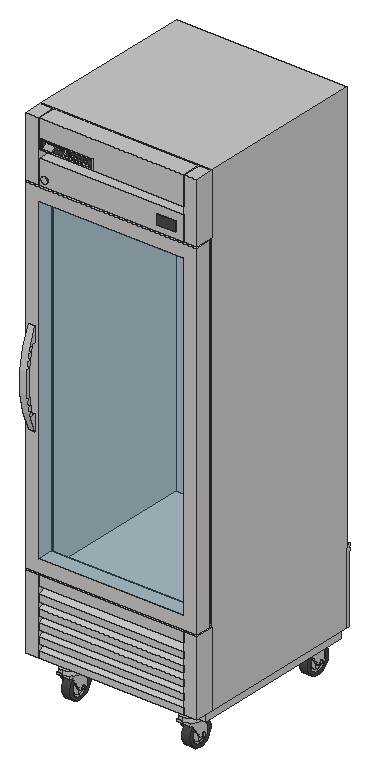
Revit family "QF_TRUE_TH-23G~FGD01", category Specialty Equipment, Revit 2015
Parameters
  Weight in Pounds = 290
  Watts = 850 W
  Volts = 115 V
  URL Cutsheet = "www.truemfg.com"
  URL = "www.truemfg.com"
  Specification by User = ""
  Specification by Manufacturer = ""
  Show Clearance [instance] = yes
  Show 6 Inches Standard Legs [instance] = no
  Show 6 Inches Seismic Flanged Legs [instance] = no
  Show 2.5 Inches Castors [instance] = no
  6 Inches Seismic Flanged Legs [instance] = and(Show 6 Inches Seismic Flanged Legs, not(Show 5.25 Inches Castors))  # no
  Show Logo [instance] = yes
  Serial Number = ""
  Seismic Rating = ""
  SMACNA No = ""
  Revision Code = ""
  Phase = 1
  Overall Height [instance] = Body Height + Base Height  # 83 11/16"
  Number of Poles = 1
  NAFEM Spec ID Number = ""
  Model = "TH-23G~FGD01"
  Min Ckt Ampacity = 0 A
  Max Overcurrent Protection = 0 A
  Masterspec = ""
  Manufacturer = "TRUE"
  Length = 27"
  Item Number = ""
  Installed By = ""
  Identify Quantity as Lot = yes
  Height = 83 11/16"
  HP = "0"
  Furnished By = ""
  Foodservice Equipment Identifier = yes
  FL Amps = 7.8 A
  Electrical Remarks = ""
  Electric Connection Type = ""
  Elec Conn RI Height = 0"
  Elec Conn Connection Height = 0"
  Description = "REACH-IN GLASS SWING DOOR HEATED CABINET~FRAMED GLASS DOOR VERSION 01"
  Depth = 29 3/4"
  Cycle = 60 Hz
  Conn Plug = "NEMA 5-15P"
  Conn Conduit = yes
  CSI MasterFormat = ""
  Body Height = 78 7/16"
  Base Height [instance] = if(Show 5.25 Inches Castors, 5 1/4", if(Show 6 Inches Seismic Flanged Legs, 6", if(Show 6 Inches Standard Legs, 6", if(Show 2.5 Inches Castors, 2 1/2", 5 1/4"))))  # 5 1/4"
  Apparent Power = 0 VA
  6 Inches Standard Legs [instance] = and(Show 6 Inches Standard Legs, not(Show 5.25 Inches Castors))  # no
  Show 5.25 Inches Castors [instance] = if(Show 6 Inches Seismic Flanged Legs, or(Show 6 Inches Standard Legs, Show 2.5 Inches Castors), if(Show 2.5 Inches Castors, Show 6 Inches Standard Legs, not(or(Show 6 Inches Standard Legs, Show 2.5 Inches Castors, Show 6 Inches Seismic Flanged Legs))))  # yes
  2.5 Inches Castors [instance] = and(Show 2.5 Inches Castors, not(Show 5.25 Inches Castors))  # no
Reference planes (in)
  plane 1 "BACK": y = 0
  plane 2: z = 0
  plane 3 "LEFT": x = 0
  plane 4 "RIGHT": x = 27
  plane 5 "FRONT": y = -29.75
  plane 6 "TOP": z = 83.6875
  plane 7 "Center Y": x = 13.5
  plane 8 "Center X": y = -14.875
  plane 9: z = 5.25
Dimensions and locks (in)
  equal spacing: plane 3 "LEFT", plane 7 "Center Y", plane 4 "RIGHT"
  "Length": plane 3 "LEFT" to plane 4 "RIGHT"
  equal spacing: plane 5 "FRONT", plane 8 "Center X", plane 1 "BACK"
  "Depth": plane 5 "FRONT" to plane 1 "BACK"
  "Overall Height": plane 6 "TOP" to level
  plane 3 "LEFT" to plane 4 "RIGHT" = 27"
  "Base Height": plane 9 to level
  "Body Height": nested 5 to plane 9
  nested 5 to plane 1 "BACK" = 15/32"
  nested 5 to nested 5 = 1 13/16"
  nested 5 to nested 5 = 32 1/32"
  aligned and locked: level to plane 2
  aligned and locked: nested 5 to plane 9
Nested families (in)
  nested 1: "CASTER-LEGS" at (4, -2.625, 0), Show 5" Casters <- "Show 5.25 Inches Castors", Show 6 Inches Legs <- "6 Inches Standard Legs", Show 2.5 Casters <- "2.5 Inches Castors", Show Siesmic Flanged <- "6 Inches Seismic Flanged Legs", type "CASTER-LEGS"
    with Type Mark "", Status "", Specification by User "", Show Siesmic Flanged no, Show 6" Casters no, Show 6 Inches Legs no, Show 5" Casters yes, Show 4" Casters no, Show 2.5 Standard Legs no, Show 2.5 Casters no, Revision Code "", Low Profile no, Item Number "", Installed By "", Identify Quantity as Lot yes, Furnished By "", Foodservice Equipment Identifier yes
  nested 2: "CASTER-LEGS" at (4, -25.875, 0), Show 5" Casters <- "Show 5.25 Inches Castors", Show 6 Inches Legs <- "6 Inches Standard Legs", Show 2.5 Casters <- "2.5 Inches Castors", Show Siesmic Flanged <- "6 Inches Seismic Flanged Legs", type "CASTER-LEGS"
    with Type Mark "", Status "", Specification by User "", Show Siesmic Flanged no, Show 6" Casters no, Show 6 Inches Legs no, Show 5" Casters yes, Show 4" Casters no, Show 2.5 Standard Legs no, Show 2.5 Casters no, Revision Code "", Low Profile no, Item Number "", Installed By "", Identify Quantity as Lot yes, Furnished By "", Foodservice Equipment Identifier yes
  nested 3: "CASTER-LEGS" at (23, -2.625, 0), Show 5" Casters <- "Show 5.25 Inches Castors", Show 6 Inches Legs <- "6 Inches Standard Legs", Show 2.5 Casters <- "2.5 Inches Castors", Show Siesmic Flanged <- "6 Inches Seismic Flanged Legs", type "CASTER-LEGS"
    with Type Mark "", Status "", Specification by User "", Show Siesmic Flanged no, Show 6" Casters no, Show 6 Inches Legs no, Show 5" Casters yes, Show 4" Casters no, Show 2.5 Standard Legs no, Show 2.5 Casters no, Revision Code "", Low Profile no, Item Number "", Installed By "", Identify Quantity as Lot yes, Furnished By "", Foodservice Equipment Identifier yes
  nested 4: "CASTER-LEGS" at (23, -25.875, 0), Show 5" Casters <- "Show 5.25 Inches Castors", Show 6 Inches Legs <- "6 Inches Standard Legs", Show 2.5 Casters <- "2.5 Inches Castors", Show Siesmic Flanged <- "6 Inches Seismic Flanged Legs", type "CASTER-LEGS"
    with Type Mark "", Status "", Specification by User "", Show Siesmic Flanged no, Show 6" Casters no, Show 6 Inches Legs no, Show 5" Casters yes, Show 4" Casters no, Show 2.5 Standard Legs no, Show 2.5 Casters no, Revision Code "", Low Profile no, Item Number "", Installed By "", Identify Quantity as Lot yes, Furnished By "", Foodservice Equipment Identifier yes
  nested 5: "TH-23G-FGD01" at (0, 0, 0), Show Clearance <- "Show Clearance", Show Logo <- "Show Logo", type "TH-23G-FGD01"
    with Show Logo yes, Material and Finishes QF_Metal - Stainless - Polished
Connectors (in)
  electrical at (13.5, 0.5, 14.875), driven by "Volts", driven by "Watts"
    settings: on nested 5, index 1, voltage 115 V, apparent load 850 VA, apparent load phase1 0 VA, apparent load phase2 0 VA, apparent load phase3 0 VA, power factor 1, load classification "Other", number of poles 1, system type 30, power factor state 1, is connector primary yes, connector utility no, sub classification motor no, connector description "ELECTRICAL CONNECTION"
Definition of nested family "CASTER-LEGS"
  Parameters (values of type "CASTER-LEGS")
    Weight = ""
    URL Manufacturer = ""
    URL Cutsheet = ""
    URL = ""
    Type Mark [instance] = ""
    Status [instance] = ""
    Specification by User [instance] = ""
    Specification by Manufacturer = ""
    Show Siesmic Flanged [instance] = yes
    Show 6 Inches Legs [instance] = yes
    Show 6" Casters [instance] = yes
    Show 5" Casters [instance] = yes
    Show 4" Casters [instance] = yes
    Show 2.5 Standard Legs [instance] = yes
    Show 2.5 Casters [instance] = yes
    Serial Number = ""
    Seismic Rating = ""
    SMACNA No = ""
    Revision Code [instance] = ""
    Omniclass Number and Title = ""
    NAFEM Spec ID Number = ""
    Model = ""
    MasterSpec. = ""
    Manufacturer = ""
    Low Profile [instance] = yes
    Item Number [instance] = ""
    Installed By [instance] = ""
    Identify Quantity as Lot [instance] = yes
    Furnished By [instance] = ""
    Foodservice Equipment Identifier [instance] = yes
    Description = ""
    CSI MasterFormat = ""
    CSI Master Format = ""
    Assembly Code = ""
  Reference planes (in)
    plane 1: z = 0
    plane 2 "RIGHT": x = 0
    plane 3 "FRONT": y = 0
    plane 4 "TOP": z = 6
    plane 5: z = 2.125
    plane 6: z = 2.5
    plane 7: z = 6.25
  Forms (in)
    Revolve 1, solid, visible <- "Show 6 Inches Legs"
      sketch origin (11.12172, 0, 0) x (-1, 0, 0) y (0, 0, -1)
        loop
          line (11.12172, -6) -> (11.12172, 0) -> (10.62172, 0) -> (10.62172, -1.30261) -> (10.37172, -1.30261) -> (10.37172, -6) -> (11.12172, -6)
        axis (11.12172, 0) -> (11.12172, -6)
      angle from 0 to 360
    Extrusion 2, solid, visible <- "Show Siesmic Flanged"
      sketch origin (0, 0, 0) x (1, 0, 0) y (0, 1, 0)
        loop
          circle (-0.00825, 0) r 1
      from 0 to 0.125
    Revolve 3, solid, visible <- "Show Siesmic Flanged"
      sketch origin (11.12172, 0, 0) x (-1, 0, 0) y (0, 0, -1)
        loop
          line (11.12172, -6) -> (11.12172, -0.125) -> (10.62172, -0.125) -> (10.62172, -1.30261) -> (10.37172, -1.30261) -> (10.37172, -6) -> (11.12172, -6)
        axis (11.12172, -0.125) -> (11.12172, -6)
      angle from 0 to 360
    Revolve 4, solid, visible <- "Show 2.5 Standard Legs"
      sketch origin (11.12172, 0, 0) x (-1, 0, 0) y (0, 0, -1)
        loop
          line (11.12172, -2.5) -> (11.12172, 0) -> (10.62172, 0) -> (10.62172, -0.75) -> (10.37172, -0.75) -> (10.37172, -2.5) -> (11.12172, -2.5)
        axis (11.12172, 0) -> (11.12172, -2.5)
      angle from 0 to 360
  Dimensions and locks (in)
    plane 4 "TOP" to level = 6"  (x2)
    locked: Revolve 1 sketch curve to Revolve 1 sketch curve at 1.30261
    locked: Revolve 1 sketch curve to Revolve 1 sketch curve at 0.75
    nested 1 to level = 5"
    plane 6 to plane 1 = 2 1/2"
    plane 5 to plane 1 = 2 1/8"
    plane 7 to plane 1 = 6 1/4"
    locked: Revolve 3 sketch curve to Revolve 3 sketch curve at 0.75
    aligned and locked: level to plane 1
  Nested families (in)
    nested 1: "PITCO_5 INCHES CASTER" at (0, 0, 0), Show Casters <- "Show 5" Casters", type "PITCO_5 INCHES CASTER"
      with Type Mark "", Status "", Specification by User "", Show Casters yes, Revision Code "", Item Number "", Installed By "", Identify Quantity as Lot yes, Furnished By "", Foodservice Equipment Identifier yes
    nested 2: "2.13" at (0, 0, 0), 2.5 Inches Caster <- "Low Profile", type "2.13"
      with Type Mark "", Status "", Specification by User "", Revision Code "", Item Number "", Installed By "", Identify Quantity as Lot yes, Furnished By "", Foodservice Equipment Identifier yes, 2.5 Inches Caster yes
    nested 3: "C4" at (0, 0, 0), Show 4 Inches Casters <- "Show 4" Casters", type "C4"
      with Type Mark "", Specification by User "", Show 4 Inches Casters yes, Revision Code "", Item Number "", Installed By "", Identify Quantity as Lot yes, Furnished By "", Foodservice Equipment Identifier yes
    nested 4: "6 Inches Leg & Caster" at (0, 0, 0), Show Casters <- "Show 6" Casters", type "6 Inches Leg & Caster"
      with Type Mark "", Status "", Specification by User "", Show Casters yes, Revision Code "", Item Number "", Installed By "", Identify Quantity as Lot yes, Furnished By "", Foodservice Equipment Identifier yes
    nested 5: "C2.5" at (0, -0.86941, 0), 2.5 Inches Caster <- "Show 2.5 Casters", type "C2.5"
      with Type Mark "", Status "", Specification by User "", Revision Code "", Item Number "", Installed By "", Identify Quantity as Lot yes, Furnished By "", Foodservice Equipment Identifier yes, 2.5 Inches Caster yes
  Definition of nested family "PITCO_5 INCHES CASTER"
    Parameters (values of type "PITCO_5 INCHES CASTER")
      Weight = ""
      URL Manufacturer = ""
      URL Cutsheet = ""
      URL = ""
      Type Mark [instance] = ""
      Status [instance] = ""
      Specification by User [instance] = ""
      Specification by Manufacturer = ""
      Show Casters [instance] = yes
      Rubber = none
      Chrome = none
      Serial Number = ""
      Seismic Rating = ""
      SMACNA No = ""
      Revision Code [instance] = ""
      Omniclass Number and Title = ""
      NAFEM Spec ID Number = ""
      Model = ""
      MasterSpec. = ""
      Manufacturer = ""
      Item Number [instance] = ""
      Installed By [instance] = ""
      Identify Quantity as Lot [instance] = yes
      Furnished By [instance] = ""
      Foodservice Equipment Identifier [instance] = yes
      Description = ""
      CSI MasterFormat = ""
      CSI Master Format = ""
      Assembly Code = ""
    Reference planes (in)
      plane 1: z = 0
      plane 2 "RIGHT": x = 0
      plane 3 "FRONT": y = 0
      plane 4 "TOP": z = 5
      plane 5: z = 5.0625
    Forms (in)
      Revolve 1, solid, visible <- "Show Casters"
        sketch origin (-180, 1.0625, -34.67466) x (0, 0, -1) y (-1, 0, 0)
          loop
            line (-34.67466, -180.64009) -> (-34.67466, -179.35991) -> (-35.17466, -179.35991) -> (-35.17466, -179.48491) -> (-35.42466, -179.48491) -> (-35.42466, -179.64009) -> (-36.48519, -179.60306) -> (-36.48519, -178.85852) -> (-36.5316, -178.85852) -> (-36.5316, -178.71719) -> (-36.70591, -178.71719) -> (-36.70591, -181.28281) -> (-36.5316, -181.28281) -> (-36.5316, -181.14148) -> (-36.48519, -181.14148) -> (-36.48519, -180.39694) -> (-35.42466, -180.35991) -> (-35.42466, -180.51509) -> (-35.17466, -180.51509) -> (-35.17466, -180.64009) -> (-34.67466, -180.64009)
          axis (-36.70591, -181.28281) -> (-36.70591, -178.71719)
        angle from 0 to 360
      Extrusion 2, solid, visible <- "Show Casters"
        sketch origin (0, 0, -1.11142) x (0, -1, 0) y (1, 0, 0)
          loop
            circle (0, 0) r 1.5
        from 5.61142 to 6.17392
      Extrusion 3, solid, visible <- "Show Casters"
        sketch origin (0, 0, 0.289) x (0, -1, 0) y (0, 0, 1)
          loop
            arc (0.91808, 3.59427) -> (1.13645, 3.7909) -> (1.42156, 3.86198) r 0.60732
            line (1.42156, 3.86198) -> (1.46208, 3.86198) -> (1.43155, 4.211) -> (-1.43155, 4.211)
            arc (-1.43155, 4.211) -> (-1.62474, 4.13098) -> (-1.70476, 3.93778) r 0.27322
            line (-1.70476, 3.93778) -> (-1.70476, 3.78861) -> (-1.76351, 2.11371) -> (-1.82446, 1.68005)
            arc (-1.82446, 1.68005) -> (-1.73191, 1.41127) -> (-1.46007, 1.32816) r 0.31307
            line (-1.46007, 1.32816) -> (-0.60834, 1.47835)
            arc (-0.60834, 1.47835) -> (-0.50841, 1.51771) -> (-0.43181, 1.59299) r 0.26936
            line (-0.43181, 1.59299) -> (0.91808, 3.59427)
        from 0.84601 to 1.05998
      Extrusion 4, solid, visible <- "Show Casters"
        sketch origin (0, 0, -0.82242) x (0, -1, 0) y (0, 0, -1)
          loop
            line (1.43155, -5.32242) -> (1.46208, -4.9734) -> (1.42156, -4.9734)
            arc (1.42156, -4.9734) -> (1.13645, -4.90232) -> (0.91808, -4.70569) r 0.60732
            line (0.91808, -4.70569) -> (-0.43181, -2.70441)
            arc (-0.43181, -2.70441) -> (-0.50841, -2.62913) -> (-0.60834, -2.58977) r 0.26936
            line (-0.60834, -2.58977) -> (-1.46007, -2.43958)
            arc (-1.46007, -2.43958) -> (-1.73191, -2.52269) -> (-1.82446, -2.79147) r 0.31307
            line (-1.82446, -2.79147) -> (-1.76351, -3.22513) -> (-1.70476, -4.90003) -> (-1.70476, -5.0492)
            arc (-1.70476, -5.0492) -> (-1.62474, -5.2424) -> (-1.43155, -5.32242) r 0.27322
            line (-1.43155, -5.32242) -> (1.43155, -5.32242)
        from 0.84601 to 1.05998
      Extrusion 5, solid, visible <- "Show Casters"
        sketch origin (-0.84601, 0, 0.289) x (0, 1, 0) y (0, 0, 1)
          loop
            line (1.43155, 4.211) -> (-1.43155, 4.211) -> (-1.46208, 3.86198) -> (-1.42156, 3.86198)
            arc (-1.42156, 3.86198) -> (-1.13645, 3.7909) -> (-0.91808, 3.59427) r 0.60732
            arc (-0.91808, 3.59427) -> (0.37927, 3.88135) -> (1.70476, 3.78861) r 4.63574
            line (1.70476, 3.78861) -> (1.70476, 3.93778)
            arc (1.70476, 3.93778) -> (1.62474, 4.13098) -> (1.43155, 4.211) r 0.27322
        from 0 to 1.69203
    Cuts and joins
      joined: Extrusion 3, Extrusion 4, Extrusion 5
    Lines and regions (in)
      symbolic lines, visible <- "Show Casters"
        curve 1: line (0.70901, 2.6399, 0) -> (1.79507, 2.01286, 0)
        curve 2: line (-1.79099, -1.69023, 0) -> (0.70901, 2.6399, 0)
        curve 3: line (-0.70493, -2.31727, 0) -> (-1.79099, -1.69023, 0)
        curve 4: line (1.79507, 2.01286, 0) -> (-0.70493, -2.31727, 0)
    Dimensions and locks (in)
      plane 4 "TOP" to level = 5"  (x2)
      plane 5 to level = 5 1/16"
      aligned and locked: level to plane 1
  Definition of nested family "2.13"
    Parameters
      Weight = ""
      URL Manufacturer = ""
      URL Cutsheet = ""
      URL = ""
      Type Mark [instance] = ""
      Status [instance] = ""
      Specification by User [instance] = ""
      Specification by Manufacturer = ""
      Serial Number = ""
      Seismic Rating = ""
      SMACNA No = ""
      Revision Code [instance] = ""
      Omniclass Number and Title = ""
      NAFEM Spec ID Number = ""
      Model = ""
      MasterSpec. = ""
      Manufacturer = ""
      Item Number [instance] = ""
      Installed By [instance] = ""
      Identify Quantity as Lot [instance] = yes
      Furnished By [instance] = ""
      Foodservice Equipment Identifier [instance] = yes
      Description = ""
      CSI MasterFormat = ""
      CSI Master Format = ""
      Assembly Code = ""
      2.5 Inches Caster [instance] = yes
    Reference planes (in)
      plane 1: z = 0
      plane 2 "RIGHT": x = 0
      plane 3 "FRONT": y = 0
      plane 4 "TOP": z = 2.125
    Forms (in)
      Revolve 1, solid, visible <- "2.5 Inches Caster"
        sketch origin (-1.93794, 0.83816, -1.0041) x (1, 0, 0) y (0, 0, 1)
          loop
            line (0.74055, 1.76972) -> (0.74055, 1.69422) -> (0.79055, 1.64422) -> (0.85055, 1.64422) -> (0.85055, 1.52415) -> (1.235, 1.52415) -> (1.235, 1.4568) -> (1.38673, 1.3692) -> (1.4003, 1.28535) -> (1.34375, 1.28535) -> (1.34375, 1.16035) -> (1.375, 1.16035) -> (1.375, 1.0041) -> (1.87544, 1.0041) -> (1.87544, 1.52415) -> (2.00044, 1.52415) -> (2.00044, 1.0041) -> (2.48438, 1.0041) -> (2.48438, 1.16035) -> (2.51563, 1.16035) -> (2.51563, 1.28535) -> (2.45908, 1.28535) -> (2.47322, 1.37272) -> (2.62438, 1.45999) -> (2.62438, 1.52415) -> (3.04007, 1.52415) -> (3.04007, 1.64422) -> (3.10007, 1.64422) -> (3.15007, 1.69422) -> (3.15007, 1.76972) -> (0.74055, 1.76972)
          axis (0.74055, 1.76972) -> (3.15007, 1.76972)
        angle from 0 to 360
      Extrusion 2, solid, visible <- "2.5 Inches Caster"
        sketch origin (-1.93794, 1.80294, -3.6291) x (0, 1, 0) y (0, 0, 1)
          loop
            line (-0.64294, 5.43229) -> (-0.64294, 5.55298) -> (-2.21294, 5.55298) -> (-2.21294, 5.30272) -> (-1.81966, 5.30272)
            arc (-1.81966, 5.30272) -> (-1.13638, 5.20789) -> (-0.46376, 5.05475) r 8.02767
            arc (-0.46376, 5.05475) -> (-0.19511, 4.95469) -> (0.05138, 4.80832) r 1.60049
            line (0.05138, 4.80832) -> (0.12713, 4.91318)
            arc (0.12713, 4.91318) -> (-0.07255, 5.06376) -> (-0.29048, 5.18644) r 1.8753
            line (-0.29048, 5.18644) -> (-0.22239, 5.30423)
            arc (-0.22239, 5.30423) -> (-0.42776, 5.38437) -> (-0.64294, 5.43229) r 1.44292
        from 1.17357 to 2.70231
      Revolve 3, solid, visible <- "2.5 Inches Caster"
        sketch origin (0, 2.10856, -4.125) x (0, 1, 0) y (0, 0, 1)
          loop
            line (-1.73858, 6.25) -> (-1.73858, 6.04889) -> (-1.05793, 6.04889) -> (-1.05793, 6.25) -> (-1.73858, 6.25)
          axis (-1.73858, 6.04889) -> (-1.73858, 6.25)
        angle from 0 to 360
      Extrusion 4, solid, visible <- "2.5 Inches Caster"
        sketch origin (-1.98481, 1.80294, -2.1291) x (0, 1, 0) y (0, 0, 1)
          loop
            line (-2.21294, 4.05298) -> (-2.21294, 3.80272) -> (-2.13999, 3.80272)
            arc (-2.13999, 3.80272) -> (-1.62379, 3.51899) -> (-1.39241, 2.97729) r 0.90292
            arc (-1.39241, 2.97729) -> (-1.36136, 2.78161) -> (-1.29729, 2.59413) r 1.15385
            arc (-1.29729, 2.59413) -> (-0.94802, 2.37355) -> (-0.6121, 2.61396) r 0.37001
            arc (-0.6121, 2.61396) -> (-0.59625, 2.66241) -> (-0.58446, 2.712) r 0.61695
            arc (-0.58446, 2.712) -> (-0.36134, 3.11665) -> (0.05609, 3.31484) r 0.75313
            line (0.05609, 3.31484) -> (0.12713, 3.41318)
            arc (0.12713, 3.41318) -> (-0.07255, 3.56376) -> (-0.29048, 3.68644) r 1.8753
            line (-0.29048, 3.68644) -> (-0.22239, 3.80423)
            arc (-0.22239, 3.80423) -> (-0.42776, 3.88437) -> (-0.64294, 3.93229) r 1.44292
            line (-0.64294, 3.93229) -> (-0.64294, 4.05298) -> (-2.21294, 4.05298)
        from 2.74918 to 2.90825
      Extrusion 5, solid, visible <- "2.5 Inches Caster"
        sketch origin (1.98481, 1.80294, -2.1291) x (0, 1, 0) y (0, 0, -1)
          loop
            line (-2.21294, -4.05298) -> (-0.64294, -4.05298) -> (-0.64294, -3.93229)
            arc (-0.64294, -3.93229) -> (-0.42776, -3.88437) -> (-0.22239, -3.80423) r 1.44292
            line (-0.22239, -3.80423) -> (-0.29048, -3.68644)
            arc (-0.29048, -3.68644) -> (-0.07255, -3.56376) -> (0.12713, -3.41318) r 1.8753
            line (0.12713, -3.41318) -> (0.05609, -3.31484)
            arc (0.05609, -3.31484) -> (-0.36134, -3.11665) -> (-0.58446, -2.712) r 0.75313
            arc (-0.58446, -2.712) -> (-0.59625, -2.66241) -> (-0.6121, -2.61396) r 0.61695
            arc (-0.6121, -2.61396) -> (-0.94802, -2.37355) -> (-1.29729, -2.59413) r 0.37001
            arc (-1.29729, -2.59413) -> (-1.36136, -2.78161) -> (-1.39241, -2.97729) r 1.15385
            arc (-1.39241, -2.97729) -> (-1.62379, -3.51899) -> (-2.13999, -3.80272) r 0.90292
            line (-2.13999, -3.80272) -> (-2.21294, -3.80272) -> (-2.21294, -4.05298)
        from 2.74918 to 2.90825
    Lines and regions (in)
      symbolic lines, visible <- "2.5 Inches Caster"
        curve 1: line (0.10651, 1.27186, 0) -> (0.80944, 0.86603, 0)
        curve 2: line (-0.89349, -0.46019, 0) -> (0.10651, 1.27186, 0)
        curve 3: line (-0.19056, -0.86603, 0) -> (-0.89349, -0.46019, 0)
        curve 4: line (0.80944, 0.86603, 0) -> (-0.19056, -0.86603, 0)
    Dimensions and locks (in)
      plane 4 "TOP" to level = 2 1/8"  (x2)
      aligned and locked: level to plane 1
  Definition of nested family "C4"
    Parameters
      Weight = ""
      URL Manufacturer = ""
      URL Cutsheet = ""
      URL = ""
      Type Mark [instance] = ""
      Specification by User [instance] = ""
      Specification by Manufacturer = ""
      Show 4 Inches Casters [instance] = yes
      Serial Number = ""
      Seismic Rating = ""
      SMACNA No = ""
      Revision Code [instance] = ""
      Omniclass Number and Title = ""
      NAFEM Spec ID Number = ""
      Model = ""
      MasterSpec. = ""
      Manufacturer = ""
      Item Number [instance] = ""
      Installed By [instance] = ""
      Identify Quantity as Lot [instance] = yes
      Furnished By [instance] = ""
      Foodservice Equipment Identifier [instance] = yes
      Description = ""
      CSI MasterFormat = ""
      CSI Master Format = ""
      Assembly Code = ""
    Reference planes (in)
      plane 1: z = 0
      plane 2 "RIGHT": x = 0
      plane 3 "FRONT": y = 0
      plane 4 "TOP": z = 4
    Forms (in)
      Revolve 1, solid, visible <- "Show 4 Inches Casters"
        sketch origin (-1.93794, 0.83816, -1.0041) x (1, 0, 0) y (0, 0, 1)
          loop
            line (0.74055, 2.5041) -> (3.15007, 2.5041) -> (3.15007, 2.5796) -> (3.10007, 2.6296) -> (3.04007, 2.6296) -> (3.04007, 2.74967) -> (2.62438, 2.74967) -> (2.62438, 2.93884) -> (2.48438, 3.01967) -> (2.45908, 3.17597) -> (2.51563, 3.17597) -> (2.51563, 3.41035) -> (2.48438, 3.41035) -> (2.48438, 4.0041) -> (1.375, 4.0041) -> (1.375, 3.41035) -> (1.34375, 3.41035) -> (1.34375, 3.17597) -> (1.4003, 3.17597) -> (1.37557, 3.02318) -> (1.235, 2.94202) -> (1.235, 2.74967) -> (0.85055, 2.74967) -> (0.85055, 2.6296) -> (0.79055, 2.6296) -> (0.74055, 2.5796) -> (0.74055, 2.5041)
          axis (0.74055, 2.5041) -> (3.15007, 2.5041)
        angle from 0 to 360
      Extrusion 2, solid, visible <- "Show 4 Inches Casters"
        sketch origin (-1.93794, 1.80294, -1.7541) x (0, 1, 0) y (0, 0, 1)
          loop
            line (-3.08794, 5.33423) -> (-3.08794, 5.00584) -> (-2.69466, 5.00584)
            arc (-2.69466, 5.00584) -> (-1.57175, 4.94895) -> (-0.46376, 4.75787) r 9.36411
            arc (-0.46376, 4.75787) -> (-0.05889, 4.58436) -> (0.28335, 4.30705) r 1.60049
            line (0.28335, 4.30705) -> (0.34449, 4.39437)
            arc (0.34449, 4.39437) -> (0.12713, 4.6163) -> (-0.1239, 4.79931) r 1.8753
            line (-0.1239, 4.79931) -> (-0.05749, 4.91421)
            arc (-0.05749, 4.91421) -> (-0.33807, 5.05694) -> (-0.64294, 5.13542) r 1.44292
            line (-0.64294, 5.13542) -> (-0.64294, 5.33423) -> (-3.08794, 5.33423)
        from 1.1267 to 2.74918
      Revolve 3, solid, visible <- "Show 4 Inches Casters"
        sketch origin (0, 2.15543, -2.25) x (0, 1, 0) y (0, 0, 1)
          loop
            line (-2.21793, 6.25) -> (-2.21793, 5.83014) -> (-1.05793, 5.83014) -> (-1.05793, 6.25) -> (-2.21793, 6.25)
          axis (-2.21793, 5.83014) -> (-2.21793, 6.25)
        angle from 0 to 360
      Extrusion 4, solid, visible <- "Show 4 Inches Casters"
        sketch origin (-1.93794, 1.80294, -1.7541) x (0, 1, 0) y (0, 0, 1)
          loop
            line (-3.08794, 5.33423) -> (-3.08794, 5.00584) -> (-2.8913, 5.00584)
            arc (-2.8913, 5.00584) -> (-2.09118, 4.14057) -> (-1.45681, 3.14736) r 6.63355
            arc (-1.45681, 3.14736) -> (-0.85703, 2.75969) -> (-0.4561, 3.35069) r 0.5107
            arc (-0.4561, 3.35069) -> (-0.27092, 3.92503) -> (0.24034, 4.24562) r 0.88136
            line (0.24034, 4.24562) -> (0.34449, 4.39437)
            arc (0.34449, 4.39437) -> (0.12713, 4.6163) -> (-0.1239, 4.79931) r 1.8753
            line (-0.1239, 4.79931) -> (-0.05749, 4.91421)
            arc (-0.05749, 4.91421) -> (-0.33807, 5.05694) -> (-0.64294, 5.13542) r 1.44292
            line (-0.64294, 5.13542) -> (-0.64294, 5.33423) -> (-3.08794, 5.33423)
        from 2.74918 to 2.90825
      Extrusion 5, solid, visible <- "Show 4 Inches Casters"
        sketch origin (1.93794, 1.80294, -1.7541) x (0, 1, 0) y (0, 0, -1)
          loop
            line (-3.08794, -5.33423) -> (-0.64294, -5.33423) -> (-0.64294, -5.13542)
            arc (-0.64294, -5.13542) -> (-0.33807, -5.05694) -> (-0.05749, -4.91421) r 1.44292
            line (-0.05749, -4.91421) -> (-0.1239, -4.79931)
            arc (-0.1239, -4.79931) -> (0.12713, -4.6163) -> (0.34449, -4.39437) r 1.8753
            line (0.34449, -4.39437) -> (0.24034, -4.24562)
            arc (0.24034, -4.24562) -> (-0.27092, -3.92503) -> (-0.4561, -3.35069) r 0.88136
            arc (-0.4561, -3.35069) -> (-0.85703, -2.75969) -> (-1.45681, -3.14736) r 0.5107
            arc (-1.45681, -3.14736) -> (-2.09118, -4.14057) -> (-2.8913, -5.00584) r 6.63355
            line (-2.8913, -5.00584) -> (-3.08794, -5.00584) -> (-3.08794, -5.33423)
        from 2.74918 to 2.90825
    Cuts and joins
      joined: Extrusion 2, Extrusion 4, Extrusion 5
    Lines and regions (in)
      symbolic lines, visible <- "Show 4 Inches Casters"
        curve 1: line (0.28481, 1.83041, 0) -> (1.24556, 1.27572, 0)
        curve 2: line (-1.26206, -0.84886, 0) -> (0.28481, 1.83041, 0)
        curve 3: line (-0.30132, -1.40355, 0) -> (-1.26206, -0.84886, 0)
        curve 4: line (1.24556, 1.27572, 0) -> (-0.30132, -1.40355, 0)
    Dimensions and locks (in)
      plane 4 "TOP" to level = 4"  (x2)
      aligned and locked: level to plane 1
  Definition of nested family "6 Inches Leg & Caster"
    Parameters
      Weight = ""
      URL Manufacturer = ""
      URL Cutsheet = ""
      URL = ""
      Type Mark [instance] = ""
      Status [instance] = ""
      Specification by User [instance] = ""
      Specification by Manufacturer = ""
      Show Casters [instance] = yes
      Serial Number = ""
      Seismic Rating = ""
      SMACNA No = ""
      Revision Code [instance] = ""
      Omniclass Number and Title = ""
      NAFEM Spec ID Number = ""
      Model = ""
      MasterSpec. = ""
      Manufacturer = ""
      Item Number [instance] = ""
      Installed By [instance] = ""
      Identify Quantity as Lot [instance] = yes
      Furnished By [instance] = ""
      Foodservice Equipment Identifier [instance] = yes
      Description = ""
      CSI MasterFormat = ""
      CSI Master Format = ""
    Reference planes (in)
      plane 1 "BACK": y = 0
      plane 2: z = 0
      plane 3 "LEFT": x = 0
      plane 4 "RIGHT": x = 0
      plane 5 "FRONT": y = 0
      plane 6 "TOP": z = 6.25
    Forms (in)
      Revolve 1, solid, visible <- "Show Casters"
        sketch origin (-2.21793, 0, -0.25) x (-1, 0, 0) y (0, 0, 1)
          loop
            line (-2.21793, 6) -> (-2.21793, 5.55584) -> (-0.93693, 5.55584) -> (-0.93693, 6) -> (-2.21793, 6)
          axis (-2.21793, 5.55584) -> (-2.21793, 6)
        angle from 0 to 360
      Extrusion 2, solid, visible <- "Show Casters"
        sketch origin (0.25594, 2.21793, -0.1875) x (0, 1, 0) y (0, 0, 1)
          loop
            line (-3.37793, 5.49334) -> (-3.37793, 5.24334) -> (-1.63015, 2.08504)
            arc (-1.63015, 2.08504) -> (-0.63555, 1.74359) -> (-0.1951, 2.69848) r 0.78437
            line (-0.1951, 2.69848) -> (-1.06726, 5.49334) -> (-3.37793, 5.49334)
        from 0.78968 to 0.90247
      Extrusion 3, solid, visible <- "Show Casters"
        sketch origin (0, 0, 5.75) x (0, 1, 0) y (-1, 0, 0)
          loop
            circle (0, 0) r 0.75
        from 0 to 0.5
      Extrusion 4, solid, visible <- "Show Casters"
        sketch origin (-0.25594, 2.21793, -0.1875) x (0, 1, 0) y (0, 0, -1)
          loop
            line (-3.37793, -5.49334) -> (-1.06726, -5.49334) -> (-0.1951, -2.69848)
            arc (-0.1951, -2.69848) -> (-0.63555, -1.74359) -> (-1.63015, -2.08504) r 0.78437
            line (-1.63015, -2.08504) -> (-3.37793, -5.24334) -> (-3.37793, -5.49334)
        from 0.78968 to 0.90247
      Extrusion 5, solid, visible <- "Show Casters"
        sketch origin (0, 0, 0.75) x (0, 1, 0) y (0, 0, 1)
          loop
            line (-1.16, 4.55584) -> (-1.16, 4.30584) -> (1.15067, 4.30584) -> (1.15067, 4.55584) -> (-1.16, 4.55584)
        from -1.04562 to 1.04562
      Revolve 6, solid, visible <- "Show Casters"
        sketch origin (-1.9375, 1.23015, -0.12802) x (1, 0, 0) y (0, 0, 1)
          loop
            line (0.5843, 2.5041) -> (0.5843, 2.3661) -> (0.6343, 2.3161) -> (0.6943, 2.3161) -> (0.6943, 2.1804) -> (1.1725, 2.1804) -> (1.1725, 1.78493) -> (1.31307, 1.70377) -> (1.42647, 1.00302) -> (1.28125, 1.00302) -> (1.28125, 0.75302) -> (1.3125, 0.75302) -> (1.3125, 0.50302)
            arc (1.3125, 0.50302) -> (1.42233, 0.23785) -> (1.6875, 0.12802) r 0.375
            line (1.6875, 0.12802) -> (2.1875, 0.12802)
            arc (2.1875, 0.12802) -> (2.45267, 0.23785) -> (2.5625, 0.50302) r 0.375
            line (2.5625, 0.50302) -> (2.5625, 0.75302) -> (2.59375, 0.75302) -> (2.59375, 1.00302) -> (2.44853, 1.00302) -> (2.5625, 1.70728) -> (2.7025, 1.78811) -> (2.7025, 2.1804) -> (3.1807, 2.1804) -> (3.1807, 2.3161) -> (3.2407, 2.3161) -> (3.2907, 2.3661) -> (3.2907, 2.5041) -> (0.5843, 2.5041)
          axis (0.5843, 2.5041) -> (3.2907, 2.5041)
        angle from 0 to 360
    Cuts and joins
      joined: Extrusion 2, Extrusion 4, Extrusion 5
    Lines and regions (in)
      symbolic lines, visible <- "Show Casters"
        curve 1: line (0.46086, 2.04455, 0) -> (1.54339, 1.41955, 0)
        curve 2: line (-1.53914, -1.41955, 0) -> (0.46086, 2.04455, 0)
        curve 3: line (-0.45661, -2.04455, 0) -> (-1.53914, -1.41955, 0)
        curve 4: line (1.54339, 1.41955, 0) -> (-0.45661, -2.04455, 0)
    Dimensions and locks (in)
      plane 6 "TOP" to level = 6 1/4"  (x2)
      aligned and locked: level to plane 2
  Definition of nested family "C2.5"
    Parameters
      Weight = ""
      URL Manufacturer = ""
      URL Cutsheet = ""
      URL = ""
      Type Mark [instance] = ""
      Status [instance] = ""
      Specification by User [instance] = ""
      Specification by Manufacturer = ""
      Serial Number = ""
      Seismic Rating = ""
      SMACNA No = ""
      Revision Code [instance] = ""
      Omniclass Number and Title = ""
      NAFEM Spec ID Number = ""
      Model = ""
      MasterSpec. = ""
      Manufacturer = ""
      Item Number [instance] = ""
      Installed By [instance] = ""
      Identify Quantity as Lot [instance] = yes
      Furnished By [instance] = ""
      Foodservice Equipment Identifier [instance] = yes
      Description = ""
      CSI MasterFormat = ""
      CSI Master Format = ""
      Assembly Code = ""
      2.5 Inches Caster [instance] = yes
    Reference planes (in)
      plane 1: z = 0
      plane 2 "RIGHT": x = 0
      plane 3 "FRONT": y = 0
      plane 4 "TOP": z = 2.5
    Forms (in)
      Revolve 1, solid, visible <- "2.5 Inches Caster"
        sketch origin (-1.93794, 0.83816, -1.0041) x (1, 0, 0) y (0, 0, 1)
          loop
            line (0.74055, 1.92597) -> (0.74055, 1.85047) -> (0.79055, 1.80047) -> (0.85055, 1.80047) -> (0.85055, 1.6804) -> (1.235, 1.6804) -> (1.235, 1.61305) -> (1.38673, 1.52545) -> (1.4003, 1.4416) -> (1.34375, 1.4416) -> (1.34375, 1.3166) -> (1.375, 1.3166) -> (1.375, 1.0041) -> (2.48438, 1.0041) -> (2.48438, 1.3166) -> (2.51563, 1.3166) -> (2.51563, 1.4416) -> (2.45908, 1.4416) -> (2.47322, 1.52897) -> (2.62438, 1.61624) -> (2.62438, 1.6804) -> (3.04007, 1.6804) -> (3.04007, 1.80047) -> (3.10007, 1.80047) -> (3.15007, 1.85047) -> (3.15007, 1.92597) -> (0.74055, 1.92597)
          axis (0.74055, 1.92597) -> (3.15007, 1.92597)
        angle from 0 to 360
      Extrusion 2, solid, visible <- "2.5 Inches Caster"
        sketch origin (-1.93794, 1.80294, -3.2541) x (0, 1, 0) y (0, 0, 1)
          loop
            line (-0.64294, 5.43229) -> (-0.64294, 5.55298) -> (-2.21294, 5.55298) -> (-2.21294, 5.30272) -> (-1.81966, 5.30272)
            arc (-1.81966, 5.30272) -> (-1.13638, 5.20789) -> (-0.46376, 5.05475) r 8.02767
            arc (-0.46376, 5.05475) -> (-0.19511, 4.95469) -> (0.05138, 4.80832) r 1.60049
            line (0.05138, 4.80832) -> (0.12713, 4.91318)
            arc (0.12713, 4.91318) -> (-0.07255, 5.06376) -> (-0.29048, 5.18644) r 1.8753
            line (-0.29048, 5.18644) -> (-0.22239, 5.30423)
            arc (-0.22239, 5.30423) -> (-0.42776, 5.38437) -> (-0.64294, 5.43229) r 1.44292
        from 1.17357 to 2.70231
      Revolve 3, solid, visible <- "2.5 Inches Caster"
        sketch origin (0, 2.10856, -3.75) x (0, 1, 0) y (0, 0, 1)
          loop
            line (-1.73858, 6.25) -> (-1.73858, 6.04889) -> (-1.05793, 6.04889) -> (-1.05793, 6.25) -> (-1.73858, 6.25)
          axis (-1.73858, 6.04889) -> (-1.73858, 6.25)
        angle from 0 to 360
      Extrusion 4, solid, visible <- "2.5 Inches Caster"
        sketch origin (-1.98481, 1.80294, -1.7541) x (0, 1, 0) y (0, 0, 1)
          loop
            line (-2.21294, 4.05298) -> (-2.21294, 3.80272) -> (-2.13999, 3.80272)
            arc (-2.13999, 3.80272) -> (-1.62379, 3.51899) -> (-1.39241, 2.97729) r 0.90292
            arc (-1.39241, 2.97729) -> (-1.36136, 2.78161) -> (-1.29729, 2.59413) r 1.15385
            arc (-1.29729, 2.59413) -> (-0.94802, 2.37355) -> (-0.6121, 2.61396) r 0.37001
            arc (-0.6121, 2.61396) -> (-0.59625, 2.66241) -> (-0.58446, 2.712) r 0.61695
            arc (-0.58446, 2.712) -> (-0.36134, 3.11665) -> (0.05609, 3.31484) r 0.75313
            line (0.05609, 3.31484) -> (0.12713, 3.41318)
            arc (0.12713, 3.41318) -> (-0.07255, 3.56376) -> (-0.29048, 3.68644) r 1.8753
            line (-0.29048, 3.68644) -> (-0.22239, 3.80423)
            arc (-0.22239, 3.80423) -> (-0.42776, 3.88437) -> (-0.64294, 3.93229) r 1.44292
            line (-0.64294, 3.93229) -> (-0.64294, 4.05298) -> (-2.21294, 4.05298)
        from 2.74918 to 2.90825
      Extrusion 5, solid, visible <- "2.5 Inches Caster"
        sketch origin (1.98481, 1.80294, -1.7541) x (0, 1, 0) y (0, 0, -1)
          loop
            line (-2.21294, -4.05298) -> (-0.64294, -4.05298) -> (-0.64294, -3.93229)
            arc (-0.64294, -3.93229) -> (-0.42776, -3.88437) -> (-0.22239, -3.80423) r 1.44292
            line (-0.22239, -3.80423) -> (-0.29048, -3.68644)
            arc (-0.29048, -3.68644) -> (-0.07255, -3.56376) -> (0.12713, -3.41318) r 1.8753
            line (0.12713, -3.41318) -> (0.05609, -3.31484)
            arc (0.05609, -3.31484) -> (-0.36134, -3.11665) -> (-0.58446, -2.712) r 0.75313
            arc (-0.58446, -2.712) -> (-0.59625, -2.66241) -> (-0.6121, -2.61396) r 0.61695
            arc (-0.6121, -2.61396) -> (-0.94802, -2.37355) -> (-1.29729, -2.59413) r 0.37001
            arc (-1.29729, -2.59413) -> (-1.36136, -2.78161) -> (-1.39241, -2.97729) r 1.15385
            arc (-1.39241, -2.97729) -> (-1.62379, -3.51899) -> (-2.13999, -3.80272) r 0.90292
            line (-2.13999, -3.80272) -> (-2.21294, -3.80272) -> (-2.21294, -4.05298)
        from 2.74918 to 2.90825
    Lines and regions (in)
      symbolic lines, visible <- "2.5 Inches Caster"
        curve 1: line (0.10651, 1.96132, 0) -> (0.80944, 1.55548, 0)
        curve 2: line (-0.89349, 0.22927, 0) -> (0.10651, 1.96132, 0)
        curve 3: line (-0.19056, -0.17657, 0) -> (-0.89349, 0.22927, 0)
        curve 4: line (0.80944, 1.55548, 0) -> (-0.19056, -0.17657, 0)
    Dimensions and locks (in)
      plane 4 "TOP" to level = 2 1/2"  (x2)
      aligned and locked: level to plane 1
Definition of nested family "TH-23G-FGD01"
  Parameters (values of type "TH-23G-FGD01")
    Weight in Pounds = 0
    URL Cutsheet = ""
    Specification by User = ""
    Specification by Manufacturer = ""
    Show Logo [instance] = yes
    Show Clearance [instance] = yes
    Serial Number = ""
    Seismic Rating = ""
    SMACNA No = ""
    Revision Code = ""
    NAFEM Spec ID Number = ""
    Material and Finishes [instance] = none
    Masterspec = ""
    Item Number = ""
    Installed By = ""
    Identify Quantity as Lot = yes
    Furnished By = ""
    Foodservice Equipment Identifier = yes
    CSI MasterFormat = ""
  Reference planes (in)
    plane 1 "BACK": y = 0
    plane 2: z = 0
    plane 3 "LEFT": x = 0
    plane 4 "RIGHT": x = 27
    plane 5 "FRONT": y = -29.75
    plane 6 "TOP": z = 83.6875
    plane 7 "Center Y": x = 13.5
    plane 8 "Center X": y = -14.875
    plane 9: z = 5.25
    plane 10: z = 19.1875
    plane 11: z = 18.875
    plane 12: y = 0.46875
    plane 13: y = -31.5625
    plane 14: z = 54.0625
    plane 15: z = 39.0625
    plane 16: z = 53.75
    plane 17: z = 38.75
    plane 18: y = -55.5
    plane 19: y = -55.5625
    plane 20: y = -55.5
  Forms (in)
    Extrusion 1, solid, material <- "Material and Finishes"
      sketch origin (-5.09019, 0.125, 48.3125) x (-1, 0, 0) y (0, 0, 1)
        loop
          line (-5.09019, 35.375) -> (-7.09019, 35.375) -> (-7.09019, -41.125) -> (-5.09019, -41.125) -> (-5.09019, 35.375)
      from -0.125 to -26.875
    Extrusion 2, solid, material <- "Material and Finishes"
      sketch origin (2, -26.75, 83.6875) x (0, 0, -1) y (0, 1, 0)
        loop
          line (0, -3) -> (4.5, -3) -> (5.75, -0.19245) -> (5.75, -3) -> (9.5, -3) -> (9.5, 0) -> (0, 0) -> (0, -3)
        loop
          line (64.75, -3) -> (66.25, -3) -> (66.25, -0.43712) -> (67.5, -3) -> (68.5, -3) -> (68.5, -0.9497) -> (69.5, -3) -> (70.5, -3) -> (70.5, -0.9497) -> (71.5, -3) -> (72.5, -3) -> (72.5, -0.9497) -> (73.5, -3) -> (74.5, -3) -> (74.5, -0.9497) -> (75.5, -3) -> (76.5, -3) -> (76.5, 0) -> (64.75, 0) -> (64.75, -3)
      from 0 to 23
    Extrusion 3, solid
      sketch origin (-5.09019, -29.75, 48.3125) x (1, 0, 0) y (0, 0, 1)
        loop
          line (7.09019, -27.125) -> (30.09019, -27.125) -> (30.09019, 23.625) -> (7.09019, 23.625) -> (7.09019, -27.125)
      from 0 to -0.125
    Extrusion 4, solid
      sketch origin (2, -29.75, 77.9375) x (0, 0, -1) y (1, 0, 0)
        loop
          circle (2.77758, 1) r 0.5
      from 0 to 0.0625
    Extrusion 5, solid, visible <- "Show Clearance", detail levels coarse
      sketch origin (0, -26.75, 46.8125) x (0, -1, 0) y (-1, 0, 0)
        loop
          arc (3, -27) -> (21.19937, -18.57788) -> (28.75, 0) r 27.32897
          line (28.75, 0) -> (3, 0) -> (3, -27)
      from 27.625 to -27.125
    Extrusion 6, solid, material <- "Material and Finishes"
      sketch origin (0, 0.125, 82.6875) x (0, 0, 1) y (0, 1, 0)
        loop
          line (-75.5, -0.125) -> (-63.92678, -0.125) -> (-63.92678, 0.02319) -> (-63.75, 0.19996) -> (-63.75, 0.34375) -> (-64.09324, 0.34375) -> (-64.09324, 0.25) -> (-64.47374, 0.25) -> (-64.47374, 0.34375) -> (-64.81856, 0.34375) -> (-64.81856, 0.25) -> (-75.5, 0.25) -> (-75.5, -0.125)
      from 0 to -27
    Extrusion 7, solid, material <- "Material and Finishes"
      sketch origin (2, 0.125, 83.6875) x (0, 0, -1) y (0, 1, 0)
        loop
          line (0, -0.125) -> (0, -26.875) -> (2, -26.875) -> (2, -2.75) -> (64.75, -2.75) -> (64.75, -26.875) -> (76.5, -26.875) -> (76.5, -0.125) -> (0, -0.125)
      from 0 to 23
    Extrusion 8, solid, material <- "Material and Finishes"
      sketch origin (-5.09019, -26.75, 48.3125) x (1, 0, 0) y (0, 0, 1)
        loop
          line (32.09019, 25.625) -> (5.09019, 25.625) -> (5.09019, -29.125) -> (32.09019, -29.125) -> (32.09019, 25.625)
        loop
          line (30.09019, 23.625) -> (7.09019, 23.625) -> (7.09019, -27.125) -> (30.09019, -27.125) -> (30.09019, 23.625)
      from 0.5 to 3
    Extrusion 9, solid, material <- "Material and Finishes"
      sketch origin (2, -26.75, 83.6875) x (0, 0, -1) y (0, 1, 0)
        loop
          line (0, -3) -> (9.5, -3) -> (9.5, 0) -> (0, 0) -> (0, -3)
        loop
          line (64.75, -3) -> (76.5, -3) -> (76.5, 0) -> (64.75, 0) -> (64.75, -3)
      from 0 to -2
    Extrusion 10, solid
      sketch origin (-5.09019, -26.75, 48.3125) x (1, 0, 0) y (0, 0, 1)
        loop
          line (5.34019, -28.99634) -> (31.84019, -28.99634) -> (31.84019, 25.49634) -> (5.34019, 25.49634) -> (5.34019, -28.99634)
        loop
          line (6.84019, 23.875) -> (6.84019, -27.375) -> (30.34019, -27.375) -> (30.34019, 23.875) -> (6.84019, 23.875)
      from 0 to 0.5
    Extrusion 11, solid, material <- "Material and Finishes", not visible
      sketch origin (-5.09019, 0.0625, 48) x (-1, 0, 0) y (0, 0, 1)
        loop
          line (-5.09019, 35.375) -> (-7.09019, 35.375) -> (-7.09019, -41.125) -> (-5.09019, -41.125) -> (-5.09019, 35.375)
      from -0.125 to -26.875
    Extrusion 12, solid, material <- "Material and Finishes", not visible
      sketch origin (2, -26.8125, 83.375) x (0, 0, -1) y (0, 1, 0)
        loop
          line (0, -3) -> (4.5, -3) -> (5.75, -0.19245) -> (5.75, -3) -> (9.5, -3) -> (9.5, 0) -> (0, 0) -> (0, -3)
        loop
          line (64.75, -3) -> (66.25, -3) -> (66.25, -0.43712) -> (67.5, -3) -> (68.5, -3) -> (68.5, -0.9497) -> (69.5, -3) -> (70.5, -3) -> (70.5, -0.9497) -> (71.5, -3) -> (72.5, -3) -> (72.5, -0.9497) -> (73.5, -3) -> (74.5, -3) -> (74.5, -0.9497) -> (75.5, -3) -> (76.5, -3) -> (76.5, 0) -> (64.75, 0) -> (64.75, -3)
      from 0 to 23
    Extrusion 13, solid, not visible
      sketch origin (-5.09019, -29.8125, 48) x (1, 0, 0) y (0, 0, 1)
        loop
          line (7.09019, -27.125) -> (30.09019, -27.125) -> (30.09019, 23.625) -> (7.09019, 23.625) -> (7.09019, -27.125)
      from 0 to -0.125
    Extrusion 14, solid, not visible
      sketch origin (2, -29.8125, 77.625) x (0, 0, -1) y (1, 0, 0)
        loop
          circle (2.77758, 1) r 0.5
      from 0 to 0.0625
    Extrusion 15, solid, visible <- "Show Clearance", not visible, detail levels coarse
      sketch origin (0, -26.8125, 46.5) x (0, -1, 0) y (-1, 0, 0)
        loop
          arc (3, -27) -> (21.19937, -18.57788) -> (28.75, 0) r 27.32897
          line (28.75, 0) -> (3, 0) -> (3, -27)
      from 27.625 to -27.125
    Extrusion 16, solid, material <- "Material and Finishes", not visible
      sketch origin (0, 0.0625, 82.375) x (0, 0, 1) y (0, 1, 0)
        loop
          line (-75.5, -0.125) -> (-63.92678, -0.125) -> (-63.92678, 0.02319) -> (-63.75, 0.19996) -> (-63.75, 0.34375) -> (-64.09324, 0.34375) -> (-64.09324, 0.25) -> (-64.47374, 0.25) -> (-64.47374, 0.34375) -> (-64.81856, 0.34375) -> (-64.81856, 0.25) -> (-75.5, 0.25) -> (-75.5, -0.125)
      from 0 to -27
    Extrusion 17, solid, material <- "Material and Finishes", not visible
      sketch origin (2, 0.0625, 83.375) x (0, 0, -1) y (0, 1, 0)
        loop
          line (0, -0.125) -> (0, -26.875) -> (2, -26.875) -> (2, -2.75) -> (64.75, -2.75) -> (64.75, -26.875) -> (76.5, -26.875) -> (76.5, -0.125) -> (0, -0.125)
      from 0 to 23
    Extrusion 18, solid, material <- "Material and Finishes", not visible
      sketch origin (-5.09019, -26.8125, 48) x (1, 0, 0) y (0, 0, 1)
        loop
          line (32.09019, 25.625) -> (5.09019, 25.625) -> (5.09019, -29.125) -> (32.09019, -29.125) -> (32.09019, 25.625)
        loop
          line (30.09019, 23.625) -> (7.09019, 23.625) -> (7.09019, -27.125) -> (30.09019, -27.125) -> (30.09019, 23.625)
      from 0.5 to 3
    Extrusion 19, solid, material <- "Material and Finishes", not visible
      sketch origin (2, -26.8125, 83.375) x (0, 0, -1) y (0, 1, 0)
        loop
          line (0, -3) -> (9.5, -3) -> (9.5, 0) -> (0, 0) -> (0, -3)
        loop
          line (64.75, -3) -> (76.5, -3) -> (76.5, 0) -> (64.75, 0) -> (64.75, -3)
      from 0 to -2
    Extrusion 20, solid, not visible
      sketch origin (-5.09019, -26.8125, 48) x (1, 0, 0) y (0, 0, 1)
        loop
          line (5.34019, -28.99634) -> (31.84019, -28.99634) -> (31.84019, 25.49634) -> (5.34019, 25.49634) -> (5.34019, -28.99634)
        loop
          line (6.84019, 23.875) -> (6.84019, -27.375) -> (30.34019, -27.375) -> (30.34019, 23.875) -> (6.84019, 23.875)
      from 0 to 0.5
    Extrusion 21, solid, material <- "Material and Finishes"
      sketch origin (0, -29.75, 0) x (1, 0, 0) y (0, 0, 1)
        loop
          line (1, 7.1875) -> (1, 5.25) -> (26, 5.25) -> (26, 7.1875) -> (1, 7.1875)
      from -29.75 to -3
    Extrusion 22, solid, material <- "Material and Finishes", not visible
      sketch origin (0, -29.8125, -0.3125) x (1, 0, 0) y (0, 0, 1)
        loop
          line (1, 7.1875) -> (1, 5.25) -> (26, 5.25) -> (26, 7.1875) -> (1, 7.1875)
      from -29.75 to -3
    Extrusion 23, solid, material <- "Material and Finishes"
      sketch origin (26.94851, 0.0625, -13.5) x (0, 1, 0) y (0, 0, -1)
        loop
          line (-29.8125, -67.5625) -> (-29.8125, -65.0625) -> (-30.42214, -65.0625)
          arc (-30.42214, -65.0625) -> (-31.09791, -60.0625) -> (-30.42214, -55.0625) r 18.83534
          line (-30.42214, -55.0625) -> (-29.8125, -55.0625) -> (-29.8125, -52.5625)
          arc (-29.8125, -52.5625) -> (-31.62513, -60.0625) -> (-29.8125, -67.5625) r 16.42246
      from 25.44851 to 26.45776
    Extrusion 24, solid, material <- "Material and Finishes"
      sketch origin (25, -26.75, 83.6875) x (0, 0, -1) y (0, -1, 0)
        loop
          line (0, 3) -> (0, 0) -> (9.5, 0) -> (9.5, 3) -> (0, 3)
        loop
          line (64.75, 3) -> (64.75, 0) -> (76.5, 0) -> (76.5, 3) -> (64.75, 3)
      from 0 to -2
    Extrusion 25, solid, material <- "Material and Finishes"
      sketch origin (32.09019, 0.125, 48.3125) x (1, 0, 0) y (0, 0, -1)
        loop
          line (-5.09019, -35.375) -> (-5.09019, 41.125) -> (-7.09019, 41.125) -> (-7.09019, -35.375) -> (-5.09019, -35.375)
      from -0.125 to -26.875
    Extrusion 26, solid, material <- "Material and Finishes", not visible
      sketch origin (26.94851, 0, -13.8125) x (0, 1, 0) y (0, 0, -1)
        loop
          line (-29.8125, -67.5625) -> (-29.8125, -65.0625) -> (-30.42214, -65.0625)
          arc (-30.42214, -65.0625) -> (-31.09791, -60.0625) -> (-30.42214, -55.0625) r 18.83534
          line (-30.42214, -55.0625) -> (-29.8125, -55.0625) -> (-29.8125, -52.5625)
          arc (-29.8125, -52.5625) -> (-31.62513, -60.0625) -> (-29.8125, -67.5625) r 16.42246
      from 25.44851 to 26.45776
    Extrusion 27, solid, material <- "Material and Finishes", not visible
      sketch origin (25, -26.8125, 83.375) x (0, 0, -1) y (0, -1, 0)
        loop
          line (0, 3) -> (0, 0) -> (9.5, 0) -> (9.5, 3) -> (0, 3)
        loop
          line (64.75, 3) -> (64.75, 0) -> (76.5, 0) -> (76.5, 3) -> (64.75, 3)
      from 0 to -2
    Extrusion 28, solid, material <- "Material and Finishes", not visible
      sketch origin (32.09019, 0.0625, 48) x (1, 0, 0) y (0, 0, -1)
        loop
          line (-5.09019, -35.375) -> (-5.09019, 41.125) -> (-7.09019, 41.125) -> (-7.09019, -35.375) -> (-5.09019, -35.375)
      from -0.125 to -26.875
    Extrusion 29, solid
      sketch origin (-13.57812, 0.375, 19.72095) x (0, 0, -1) y (-1, 0, 0)
        loop
          circle (4.84595, -27.07812) r 0.25
      from 0 to 0.125
    Extrusion 30, solid
      sketch origin (2, -29.75, 77.9375) x (0, 0, -1) y (1, 0, 0)
        loop
          line (1.18857, 18.7994) -> (2.82844, 18.7994) -> (2.82844, 21.74734) -> (1.18857, 21.74734) -> (1.18857, 18.7994)
      from 0 to 0.0625
    Extrusion 31, solid
      sketch origin (27.08274, -26.8125, 19.1875) x (0, 1, 0) y (1, 0, 0)
        loop
          line (0, -1.157) -> (0, -0.21392) -> (-2.06523, -0.25589)
          arc (-2.06523, -0.25589) -> (-2.48736, -0.68546) -> (-2.06523, -1.11503) r 0.42963
          line (-2.06523, -1.11503) -> (0, -1.157)
        loop
          circle (-2.05773, -0.68546) r 0.25
      from 0 to 0.15489
    Extrusion 32, solid
      sketch origin (27.08274, -26.8125, 19.1875) x (0, 1, 0) y (1, 0, 0)
        loop
          circle (-2.05773, -0.68546) r 0.25
      from 0 to 0.25
    Extrusion 33, solid
      sketch origin (2.04683, -26.46875, 73.9375) x (1, 0, 0) y (0, 1, 0)
        loop
          line (24.5625, -1.62139) -> (21.0974, -1.62139) -> (21.0974, -2.6725) -> (24.5625, -2.6725) -> (24.5625, -1.62139)
        loop
          circle (24.12704, -2.16728) r 0.25
        loop
          circle (22.47678, -2.15567) r 0.25
        loop
          circle (21.47678, -2.15567) r 0.25
      from 0 to 0.11097
    Extrusion 34, solid
      sketch origin (2.04683, -26.46875, 73.9375) x (1, 0, 0) y (0, 1, 0)
        loop
          circle (22.47678, -2.15567) r 0.25
        loop
          circle (21.47678, -2.15567) r 0.25
      from 0 to 0.25
    Extrusion 35, solid
      sketch origin (2.04683, -26.46875, 73.9375) x (1, 0, 0) y (0, 1, 0)
        loop
          circle (24.12704, -2.16728) r 0.25
      from 0 to 0.25
    Extrusion 36, solid
      sketch origin (26.85933, -26.8125, 74.43227) x (-1, 0, 0) y (0, 1, 0)
        loop
          line (0.22917, -2.35477) -> (1.22917, -2.35477) -> (1.18806, 0) -> (0.27027, 0) -> (0.22917, -2.35477)
        loop
          circle (0.6841, -1.82353) r 0.25
      from 0.24477 to 0.38381
  Cuts and joins
    joined: Extrusion 1, Extrusion 7, Extrusion 25
  Lines and regions (in)
    symbolic lines
      curve 1: line (0, -29.75, 0) -> (27, -29.75, 0)
      curve 2: line (0, 0.46875, 0) -> (0, -29.75, 0)
      curve 3: line (27, 0.46875, 0) -> (0, 0.46875, 0)
      curve 4: line (27, -29.75, 0) -> (27, 0.46875, 0)
      curve 5: line (27, 0, 0) -> (0, 0, 0)
      curve 6: line (0, -26.75, 0) -> (27, -26.75, 0)
      curve 7: line (2, -26.75, 0) -> (2, -29.75, 0)
      curve 8: line (25, -26.75, 0) -> (25, -29.75, 0)
      curve 9: line (0, -29.75, 0) -> (22.74819, -42.88367, 0)
      curve 10: arc (27, -29.75, 0) -> (25.71704, -36.58973, 0) -> (22.74819, -42.88367, 0) r 27.32897
      curve 11: line (0.49075, -31.56263, 0) -> (0.49075, -29.75, 0)
      curve 12: line (1.5, -31.56263, 0) -> (1.5, -29.75, 0)
      curve 13: line (1.5, -31.56263, 0) -> (0.49075, -31.56263, 0)
  Dimensions and locks (in)
    equal spacing: plane 3 "LEFT", plane 7 "Center Y", plane 4 "RIGHT"
    plane 3 "LEFT" to plane 4 "RIGHT" = 27"
    equal spacing: plane 5 "FRONT", plane 8 "Center X", plane 1 "BACK"
    plane 5 "FRONT" to plane 1 "BACK" = 29 3/4"
    plane 6 "TOP" to level = 83 11/16"
    plane 6 "TOP" to plane 9 = 78 7/16"
    plane 9 to level = 5 1/4"
    plane 4 "RIGHT" to plane 3 "LEFT" = 27"
    plane 12 to plane 1 "BACK" = 15/32"
    plane 13 to plane 5 "FRONT" = 1 13/16"
    Extrusion 4 sketch curve to Extrusion 9 = 1"
    Extrusion 14 sketch curve to Extrusion 19 = 1"
    plane 12 to plane 18 = 55 31/32"
    plane 12 to plane 20 = 55 31/32"
    aligned and locked: level to plane 2
  Automatic sketch dimensions
    Extrusion 2 sketch curve to Extrusion 2 sketch curve = 1 1/4"  (x2)
    Extrusion 2 sketch curve to Extrusion 2 sketch curve = 1"  (x7)
    Extrusion 2 sketch curve to Extrusion 2 sketch curve = 2"  (x2)
    Extrusion 2 sketch curve to Extrusion 2 sketch curve = 0"  (x9)
    Extrusion 2 sketch curve to Extrusion 2 sketch curve = 0.51258"
    Extrusion 2 sketch curve to Extrusion 2 sketch curve = 0.43712"
    Extrusion 4 sketch curve to Extrusion 2 = 0.97242"
    Extrusion 1 to Extrusion 7 sketch curve = 0"  (x3)
    Extrusion 7 sketch curve to Extrusion 1 = 0"  (x2)
    Extrusion 1 to Extrusion 7 sketch curve = 2"
    Extrusion 1 to Extrusion 7 sketch curve = 11 3/4"
    Extrusion 1 to Extrusion 7 sketch curve = 2 5/8"
    Extrusion 1 sketch curve to Extrusion 1 sketch curve = 2"
    Extrusion 1 sketch curve to Extrusion 1 sketch curve = 76 1/2"
    Extrusion 2 sketch curve to Extrusion 2 sketch curve = 4 1/2"
    Extrusion 2 sketch curve to Extrusion 2 sketch curve = 3 3/4"
    Extrusion 2 sketch curve to Extrusion 2 sketch curve = 55 1/4"
    Extrusion 2 sketch curve to Extrusion 2 sketch curve = 1 1/2"
    Extrusion 2 sketch curve to Extrusion 2 sketch curve = 2.0503"  (x2)
    Extrusion 2 sketch curve to Extrusion 2 sketch curve = 2.80755"
    Extrusion 2 sketch curve to Extrusion 2 sketch curve = 3"
    Extrusion 9 sketch curve to Extrusion 9 sketch curve = 9 1/2"
    Extrusion 9 sketch curve to Extrusion 9 sketch curve = 55 1/4"
    Extrusion 9 sketch curve to Extrusion 9 sketch curve = 11 3/4"
    Extrusion 9 sketch curve to Extrusion 9 sketch curve = 0"
    Extrusion 9 sketch curve to Extrusion 9 sketch curve = 3"  (x2)
    Extrusion 12 sketch curve to Extrusion 12 sketch curve = 1 1/4"  (x2)
    Extrusion 12 sketch curve to Extrusion 12 sketch curve = 1"  (x7)
    Extrusion 12 sketch curve to Extrusion 12 sketch curve = 2"  (x2)
    Extrusion 12 sketch curve to Extrusion 12 sketch curve = 0"  (x9)
    Extrusion 12 sketch curve to Extrusion 12 sketch curve = 0.51258"
    Extrusion 12 sketch curve to Extrusion 12 sketch curve = 0.43712"
    Extrusion 14 sketch curve to Extrusion 12 = 0.97242"
    Extrusion 11 to Extrusion 17 sketch curve = 0"  (x3)
    Extrusion 17 sketch curve to Extrusion 11 = 0"  (x2)
    Extrusion 11 to Extrusion 17 sketch curve = 2"
    Extrusion 11 to Extrusion 17 sketch curve = 11 3/4"
    Extrusion 11 to Extrusion 17 sketch curve = 2 5/8"
    Extrusion 11 sketch curve to Extrusion 11 sketch curve = 2"
    Extrusion 11 sketch curve to Extrusion 11 sketch curve = 76 1/2"
    Extrusion 12 sketch curve to Extrusion 12 sketch curve = 4 1/2"
    Extrusion 12 sketch curve to Extrusion 12 sketch curve = 3 3/4"
    Extrusion 12 sketch curve to Extrusion 12 sketch curve = 55 1/4"
    Extrusion 12 sketch curve to Extrusion 12 sketch curve = 1 1/2"
    Extrusion 12 sketch curve to Extrusion 12 sketch curve = 2.0503"  (x2)
    Extrusion 12 sketch curve to Extrusion 12 sketch curve = 2.80755"
    Extrusion 12 sketch curve to Extrusion 12 sketch curve = 3"
    Extrusion 19 sketch curve to Extrusion 19 sketch curve = 9 1/2"
    Extrusion 19 sketch curve to Extrusion 19 sketch curve = 55 1/4"
    Extrusion 19 sketch curve to Extrusion 19 sketch curve = 11 3/4"
    Extrusion 19 sketch curve to Extrusion 19 sketch curve = 0"
    Extrusion 19 sketch curve to Extrusion 19 sketch curve = 3"  (x2)
    Extrusion 21 sketch curve to Extrusion 21 sketch curve = 25"
    Extrusion 21 sketch curve to Extrusion 21 sketch curve = 1 15/16"
    Extrusion 8 sketch curve to plane 10 = 0"
    plane 10 to Extrusion 8 sketch curve = 54 3/4"
    Extrusion 8 sketch curve to Extrusion 8 sketch curve = 2"  (x3)
    plane 10 to Extrusion 8 sketch curve = 2"
    Extrusion 8 sketch curve to Extrusion 8 sketch curve = 23"
    Extrusion 3 sketch curve to Extrusion 3 sketch curve = 23"
    Extrusion 3 sketch curve to Extrusion 3 sketch curve = 50 3/4"
    Extrusion 24 sketch curve to Extrusion 24 sketch curve = 9 1/2"
    Extrusion 24 sketch curve to Extrusion 24 sketch curve = 55 1/4"
    Extrusion 24 sketch curve to Extrusion 24 sketch curve = 11 3/4"
    Extrusion 24 sketch curve to Extrusion 24 sketch curve = 0"
    Extrusion 24 sketch curve to Extrusion 24 sketch curve = 3"  (x2)
    Extrusion 25 sketch curve to Extrusion 25 sketch curve = 2"
    Extrusion 25 sketch curve to Extrusion 25 sketch curve = 76 1/2"
    Extrusion 22 sketch curve to Extrusion 22 sketch curve = 25"
    Extrusion 22 sketch curve to Extrusion 22 sketch curve = 1 15/16"
    Extrusion 18 sketch curve to plane 11 = 0"
    plane 11 to Extrusion 18 sketch curve = 54 3/4"
    Extrusion 18 sketch curve to Extrusion 18 sketch curve = 2"  (x3)
    plane 11 to Extrusion 18 sketch curve = 2"
    Extrusion 18 sketch curve to Extrusion 18 sketch curve = 23"
    Extrusion 13 sketch curve to Extrusion 13 sketch curve = 23"
    Extrusion 13 sketch curve to Extrusion 13 sketch curve = 50 3/4"
    Extrusion 29 sketch curve to plane 7 "Center Y" = 0"
    Extrusion 29 sketch curve to plane 9 = 9 5/8"
    Extrusion 2 to Extrusion 30 sketch curve = 1.18857"
    Extrusion 30 sketch curve to Extrusion 2 = 0.92156"
    Extrusion 2 to Extrusion 30 sketch curve = 4.2006"
    Extrusion 2 to Extrusion 30 sketch curve = 1.25266"
    Extrusion 10 sketch curve to Extrusion 1 = 11 1/2"
    Extrusion 1 to Extrusion 10 sketch curve = 23 1/4"
    Extrusion 10 sketch curve to Extrusion 10 sketch curve = 1.62134"  (x2)
